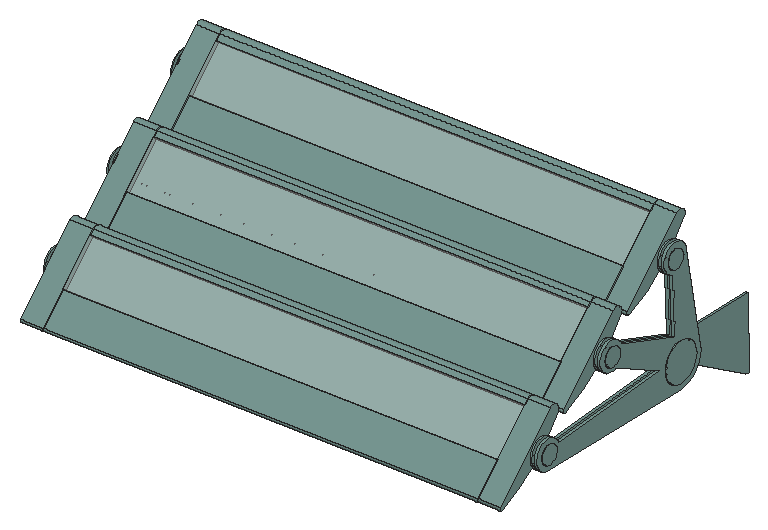
Revit family "kawneer - 1600 powershade - photovoltaic panel_16446", category Generic Models, Revit 2015
Parameters
  URL = "http://www.kawneer.com/kawneer/north_america/en/product.asp?cat_id=1344&prod_id=1850"
  Type Comments = "Photovoltaic Panel"
  Shade Finish = Kawneer - 1600 PowerShade
  Product data url = "https://bimobject.com/kawneerna/product/16445"
  Photovoltaic Panel = Kawneer - 1600 PowerShade - Photovoltaic Panel
  Outside Shade Width = 8' - 0"
  Model = "1600 PowerShade® with Photovoltaic Panel\r\n"
  Manufacturer = "Kawneer"
  Description = "Architects and building owners are increasingly recognizing the need for \"green\" building products that conserve energy and enhance building performance without compromising aesthetics. Kawneer has responded to this challenge by designing 1600 PowerShade®, a BIPV (Building Integrated Photovoltaic) sunshade that generates solar power while also providing optimal shade in a total system/single source solution.\r\n \r\nThe result is a classically designed sunshade that conserves energy and reduces building operating costs. Fully tested and factory fabricated, this preengineered sunshade blends photovoltaic technology — amorphous silicon panels — with sleek design, easy installation and simple maintenance.\r\n \r\nIn addition, PowerShade® is engineered to meet rigorous structural loads while minimizing material requirements.\r\n"
  Assembly Code = "B2020400"
Reference planes (in)
  plane 1 "Center (Front/Back)": y = 0
  plane 2: z = 0
  plane 3 "Center (Left/Right)": x = 20.48739
Forms (in)
  Extrusion 1, solid, material "Kawneer - 1600 PowerShade" <- "Shade Finish"
    sketch origin (20.23839, 0, 0) x (0, 1, 0) y (0, 0, -1)
      loop
        arc (-13.79301, 2.12544) -> (-21.10781, 2.12502) -> (-17.48547, -4.22989) r 4.23003
        line (-17.48547, -4.22989) -> (0, -4.22989) -> (0, 9.7917) -> (-0.49966, 9.78645) -> (-13.79301, 2.12544)
      loop
        circle (-17.45029, 0) r 3.73003
    from 0.251 to -0.249
  Extrusion 2, solid, material "Kawneer - 1600 PowerShade" <- "Shade Finish", not visible
    sketch origin (-0.0625, 0, 0) x (0, -1, 0) y (0, 0, -1)
      loop
        line (20, -3) -> (20, 3) -> (0.875, 3) -> (0.875, -3) -> (20, -3)
      loop
        circle (1.61885, 2) r 0.25
      loop
        circle (3.61885, 2) r 0.25
      loop
        circle (1.61885, -2) r 0.25
      loop
        circle (3.61885, -2) r 0.25
    from 0.3135 to 0.5635
  Extrusion 3, solid, material "Kawneer - 1600 PowerShade" <- "Shade Finish", not visible
    sketch origin (0, 0, 0) x (0, -1, 0) y (0, 0, -1)
      loop
        arc (0.24998, -2.843) -> (0.27722, -2.77724) -> (0.34298, -2.75) r 0.093
        line (0.34298, -2.75) -> (4.62, -2.75) -> (4.62, 2.75) -> (0.34298, 2.75)
        arc (0.34298, 2.75) -> (0.27722, 2.77724) -> (0.24998, 2.843) r 0.093
        line (0.24998, 2.843) -> (0.24998, -2.843)
      loop
        circle (1.61885, 2) r 0.25
      loop
        circle (3.61885, 2) r 0.25
      loop
        circle (1.61885, -2) r 0.25
      loop
        circle (3.61885, -2) r 0.25
    from -0.249 to 0.251
  Extrusion 4, solid, material "Kawneer - 1600 PowerShade" <- "Shade Finish", not visible
    sketch origin (0, 0, 0) x (0, -1, 0) y (0, 0, -1)
      loop
        line (0, -6.25) -> (0.15698, -6.25)
        arc (0.15698, -6.25) -> (0.22274, -6.22276) -> (0.24998, -6.157) r 0.093
        line (0.24998, -6.157) -> (0.24998, 6.157)
        arc (0.24998, 6.157) -> (0.22274, 6.22276) -> (0.15698, 6.25) r 0.093
        line (0.15698, 6.25) -> (0, 6.25) -> (0, -6.25)
    from -0.499 to 0.501
  Extrusion 5, solid, material "Kawneer - 1600 PowerShade" <- "Shade Finish"
    sketch origin (37.73739, 0, 0) x (0, -1, 0) y (0, 0, 1)
      loop
        circle (17.45029, 0) r 3.73003
    from 16.45076 to 18.67002
  Extrusion 6, solid, material "Kawneer - 1600 PowerShade" <- "Shade Finish"
    sketch origin (20.48739, 0, 0) x (0, 1, 0) y (0, 0, 1)
      loop
        circle (-49.7095, -2.13012) r 1.75795
      loop
        circle (-34.19481, 8.24737) r 1.75795
      loop
        circle (-18.68012, 18.62486) r 1.75795
    from -96.75 to 0.79924
  Extrusion 7, solid, material "Kawneer - 1600 PowerShade" <- "Shade Finish"
    sketch origin (37.73739, 0, 0) x (0, -1, 0) y (0, 0, 1)
      loop
        line (22.41224, 0.59894) -> (33.13158, 5.70698)
        arc (33.13158, 5.70698) -> (36.73786, 9.30422) -> (31.64423, 9.28593) r 2.75391
        line (31.64423, 9.28593) -> (18.65381, 4.87124) -> (19.23452, 15.985)
        arc (19.23452, 15.985) -> (20.41579, 20.6678) -> (15.83239, 19.14584) r 2.75391
        line (15.83239, 19.14584) -> (12.47366, 0.78656)
        arc (12.47366, 0.78656) -> (13.52965, -3.23013) -> (17.29138, -4.99034) r 4.89585
        line (17.29138, -4.99034) -> (49.71054, -4.97847)
        arc (49.71054, -4.97847) -> (51.98808, -0.67786) -> (47.15048, -1.20706) r 2.75391
        line (47.15048, -1.20706) -> (22.41224, 0.59894)
      loop
        circle (34.19481, 8.24737) r 1.75795
      loop
        circle (49.7095, -2.13012) r 1.75795
      loop
        circle (18.68012, 18.62486) r 1.75795
      loop
        circle (17.45029, 0) r 3.73003
    from 17.75 to 18.25
  Extrusion 8, solid, material "Kawneer - 1600 PowerShade" <- "Shade Finish"
    sketch origin (38.73739, 0, 0) x (0, -1, 0) y (0, 0, 1)
      loop
        line (22.41224, 0.59894) -> (33.13158, 5.70698)
        arc (33.13158, 5.70698) -> (36.73786, 9.30422) -> (31.64423, 9.28593) r 2.75391
        line (31.64423, 9.28593) -> (18.65381, 4.87124) -> (19.23452, 15.985)
        arc (19.23452, 15.985) -> (20.41579, 20.6678) -> (15.83239, 19.14584) r 2.75391
        line (15.83239, 19.14584) -> (12.47366, 0.78656)
        arc (12.47366, 0.78656) -> (13.52965, -3.23013) -> (17.29138, -4.99034) r 4.89585
        line (17.29138, -4.99034) -> (49.71054, -4.97847)
        arc (49.71054, -4.97847) -> (51.98808, -0.67786) -> (47.15048, -1.20706) r 2.75391
        line (47.15048, -1.20706) -> (22.41224, 0.59894)
      loop
        circle (34.19481, 8.24737) r 1.75795
      loop
        circle (49.7095, -2.13012) r 1.75795
      loop
        circle (18.68012, 18.62486) r 1.75795
      loop
        circle (17.45029, 0) r 3.73003
    from 17.75 to 18.25
  Extrusion 9, solid, material "Kawneer - 1600 PowerShade" <- "Shade Finish"
    sketch origin (-3.0449, 0, 0) x (0, 1, 0) y (0, 0, 1)
      loop
        arc (-59.39681, -7.79166) -> (-59.44221, -8.23074) -> (-59.02172, -8.36504) r 0.34999
        arc (-59.02172, -8.36504) -> (-54.74754, -6.24615) -> (-50.90493, -3.41905) r 27.44088
        arc (-50.90493, -3.41905) -> (-50.95255, -0.88707) -> (-48.42058, -0.93469) r 1.75795
        arc (-48.42058, -0.93469) -> (-46.89136, 0.96864) -> (-45.53738, 3.00037) r 27.44088
        arc (-45.53738, 3.00037) -> (-45.38844, 3.4247) -> (-45.42167, 3.87317) r 1.10053
        arc (-45.42167, 3.87317) -> (-46.20412, 4.63487) -> (-47.25762, 4.34753) r 1.10053
        line (-47.25762, 4.34753) -> (-59.39681, -7.79166)
      loop
        arc (-43.88211, 2.58583) -> (-43.92752, 2.14676) -> (-43.50703, 2.01246) r 0.34999
        arc (-43.50703, 2.01246) -> (-39.23285, 4.13134) -> (-35.39024, 6.95845) r 27.44088
        arc (-35.39024, 6.95845) -> (-35.43786, 9.49043) -> (-32.90588, 9.4428) r 1.75795
        arc (-32.90588, 9.4428) -> (-31.37667, 11.34614) -> (-30.02269, 13.37787) r 27.44088
        arc (-30.02269, 13.37787) -> (-29.87375, 13.80219) -> (-29.90698, 14.25066) r 1.10053
        arc (-29.90698, 14.25066) -> (-30.68943, 15.01237) -> (-31.74293, 14.72502) r 1.10053
        line (-31.74293, 14.72502) -> (-43.88211, 2.58583)
      loop
        arc (-28.36742, 12.96333) -> (-28.41283, 12.52425) -> (-27.99234, 12.38995) r 0.34999
        arc (-27.99234, 12.38995) -> (-23.71816, 14.50883) -> (-19.87555, 17.33594) r 27.44088
        arc (-19.87555, 17.33594) -> (-19.92317, 19.86792) -> (-17.39119, 19.82029) r 1.75795
        arc (-17.39119, 19.82029) -> (-15.86198, 21.72363) -> (-14.508, 23.75536) r 27.44088
        arc (-14.508, 23.75536) -> (-14.35906, 24.17968) -> (-14.39229, 24.62815) r 1.10053
        arc (-14.39229, 24.62815) -> (-15.17474, 25.38986) -> (-16.22824, 25.10251) r 1.10053
        line (-16.22824, 25.10251) -> (-28.36742, 12.96333)
    from 18.03229 to 22.53229
  Extrusion 10, solid, not visible
    sketch origin (0, 0, 0) x (0, 1, 0) y (0, 0, 1)
      loop
        arc (-59.39681, -7.79166) -> (-59.44221, -8.23074) -> (-59.02172, -8.36504) r 0.34999
        arc (-59.02172, -8.36504) -> (-54.74754, -6.24615) -> (-50.90493, -3.41905) r 27.44088
        arc (-50.90493, -3.41905) -> (-50.95255, -0.88707) -> (-48.42058, -0.93469) r 1.75795
        arc (-48.42058, -0.93469) -> (-46.89136, 0.96864) -> (-45.53738, 3.00037) r 27.44088
        arc (-45.53738, 3.00037) -> (-45.38844, 3.4247) -> (-45.42167, 3.87317) r 1.10053
        arc (-45.42167, 3.87317) -> (-46.20412, 4.63487) -> (-47.25762, 4.34753) r 1.10053
        line (-47.25762, 4.34753) -> (-59.39681, -7.79166)
      loop
        arc (-43.88211, 2.58583) -> (-43.92752, 2.14676) -> (-43.50703, 2.01246) r 0.34999
        arc (-43.50703, 2.01246) -> (-39.23285, 4.13134) -> (-35.39024, 6.95845) r 27.44088
        arc (-35.39024, 6.95845) -> (-35.43786, 9.49043) -> (-32.90588, 9.4428) r 1.75795
        arc (-32.90588, 9.4428) -> (-31.37667, 11.34614) -> (-30.02269, 13.37787) r 27.44088
        arc (-30.02269, 13.37787) -> (-29.87375, 13.80219) -> (-29.90698, 14.25066) r 1.10053
        arc (-29.90698, 14.25066) -> (-30.68943, 15.01237) -> (-31.74293, 14.72502) r 1.10053
        line (-31.74293, 14.72502) -> (-43.88211, 2.58583)
      loop
        arc (-28.36742, 12.96333) -> (-28.41283, 12.52425) -> (-27.99234, 12.38995) r 0.34999
        arc (-27.99234, 12.38995) -> (-23.71816, 14.50883) -> (-19.87555, 17.33594) r 27.44088
        arc (-19.87555, 17.33594) -> (-19.92317, 19.86792) -> (-17.39119, 19.82029) r 1.75795
        arc (-17.39119, 19.82029) -> (-15.86198, 21.72363) -> (-14.508, 23.75536) r 27.44088
        arc (-14.508, 23.75536) -> (-14.35906, 24.17968) -> (-14.39229, 24.62815) r 1.10053
        arc (-14.39229, 24.62815) -> (-15.17474, 25.38986) -> (-16.22824, 25.10251) r 1.10053
        line (-16.22824, 25.10251) -> (-28.36742, 12.96333)
    from -43.9551 to 50.5449
  Extrusion 11, solid, material "Kawneer - 1600 PowerShade" <- "Shade Finish"
    sketch origin (-75.26161, 0, 0) x (0, 1, 0) y (0, 0, -1)
      loop
        arc (-13.79301, 2.12544) -> (-21.10781, 2.12502) -> (-17.48547, -4.22989) r 4.23003
        line (-17.48547, -4.22989) -> (0, -4.22989) -> (0, 9.7917) -> (-0.49966, 9.78645) -> (-13.79301, 2.12544)
      loop
        circle (-17.45029, 0) r 3.73003
    from -0.249 to 0.251
  Extrusion 12, solid, material "Kawneer - 1600 PowerShade" <- "Shade Finish"
    sketch origin (-57.76261, 0, 0) x (0, -1, 0) y (0, 0, 1)
      loop
        circle (17.45029, 0) r 3.73003
    from 16.45076 to 18.5
  Extrusion 13, solid, material "Kawneer - 1600 PowerShade" <- "Shade Finish"
    sketch origin (109.73739, 0, 0) x (0, -1, 0) y (0, 0, 1)
      loop
        line (22.41224, 0.59894) -> (33.13158, 5.70698)
        arc (33.13158, 5.70698) -> (36.73786, 9.30422) -> (31.64423, 9.28593) r 2.75391
        line (31.64423, 9.28593) -> (18.65381, 4.87124) -> (19.23452, 15.985)
        arc (19.23452, 15.985) -> (20.41579, 20.6678) -> (15.83239, 19.14584) r 2.75391
        line (15.83239, 19.14584) -> (12.47366, 0.78656)
        arc (12.47366, 0.78656) -> (13.52965, -3.23013) -> (17.29138, -4.99034) r 4.89585
        line (17.29138, -4.99034) -> (49.71054, -4.97847)
        arc (49.71054, -4.97847) -> (51.98808, -0.67786) -> (47.15048, -1.20706) r 2.75391
        line (47.15048, -1.20706) -> (22.41224, 0.59894)
      loop
        circle (34.19481, 8.24737) r 1.75795
      loop
        circle (49.7095, -2.13012) r 1.75795
      loop
        circle (18.68012, 18.62486) r 1.75795
      loop
        circle (17.45029, 0) r 3.73003
    from 185.25 to 185.5
  Extrusion 14, solid, material "Kawneer - 1600 PowerShade" <- "Shade Finish"
    sketch origin (-41.26261, 0, 0) x (0, -1, 0) y (0, 0, 1)
      loop
        line (22.41224, 0.59894) -> (33.13158, 5.70698)
        arc (33.13158, 5.70698) -> (36.73786, 9.30422) -> (31.64423, 9.28593) r 2.75391
        line (31.64423, 9.28593) -> (18.65381, 4.87124) -> (19.23452, 15.985)
        arc (19.23452, 15.985) -> (20.41579, 20.6678) -> (15.83239, 19.14584) r 2.75391
        line (15.83239, 19.14584) -> (12.47366, 0.78656)
        arc (12.47366, 0.78656) -> (13.52965, -3.23013) -> (17.29138, -4.99034) r 4.89585
        line (17.29138, -4.99034) -> (49.71054, -4.97847)
        arc (49.71054, -4.97847) -> (51.98808, -0.67786) -> (47.15048, -1.20706) r 2.75391
        line (47.15048, -1.20706) -> (22.41224, 0.59894)
      loop
        circle (34.19481, 8.24737) r 1.75795
      loop
        circle (49.7095, -2.13012) r 1.75795
      loop
        circle (18.68012, 18.62486) r 1.75795
      loop
        circle (17.45029, 0) r 3.73003
    from 33.49225 to 33.74225
  Extrusion 15, solid, material "Kawneer - 1600 PowerShade" <- "Shade Finish", not visible
    sketch origin (-0.249, 0, 0) x (0, 1, 0) y (0, 0, -1)
      loop
        arc (-13.79301, 2.12544) -> (-21.10781, 2.12502) -> (-17.48547, -4.22989) r 4.23003
        line (-17.48547, -4.22989) -> (0, -4.22989) -> (0, 9.7917) -> (-0.49966, 9.78645) -> (-13.79301, 2.12544)
      loop
        circle (-17.45029, 0) r 3.73003
    from -0.249 to 0.251
  Extrusion 16, solid, material "Kawneer - 1600 PowerShade" <- "Shade Finish", not visible
    sketch origin (17.25, 0, 0) x (0, -1, 0) y (0, 0, 1)
      loop
        circle (17.45029, 0) r 3.73003
    from 16.45076 to 18.67002
  Extrusion 17, solid, material "Kawneer - 1600 PowerShade" <- "Shade Finish", not visible
    sketch origin (17.25, 0, 0) x (0, -1, 0) y (0, 0, 1)
      loop
        line (22.41224, 0.59894) -> (33.13158, 5.70698)
        arc (33.13158, 5.70698) -> (36.73786, 9.30422) -> (31.64423, 9.28593) r 2.75391
        line (31.64423, 9.28593) -> (18.65381, 4.87124) -> (19.23452, 15.985)
        arc (19.23452, 15.985) -> (20.41579, 20.6678) -> (15.83239, 19.14584) r 2.75391
        line (15.83239, 19.14584) -> (12.47366, 0.78656)
        arc (12.47366, 0.78656) -> (13.52965, -3.23013) -> (17.29138, -4.99034) r 4.89585
        line (17.29138, -4.99034) -> (49.71054, -4.97847)
        arc (49.71054, -4.97847) -> (51.98808, -0.67786) -> (47.15048, -1.20706) r 2.75391
        line (47.15048, -1.20706) -> (22.41224, 0.59894)
      loop
        circle (34.19481, 8.24737) r 1.75795
      loop
        circle (49.7095, -2.13012) r 1.75795
      loop
        circle (18.68012, 18.62486) r 1.75795
      loop
        circle (17.45029, 0) r 3.73003
    from 17.75 to 18.25
  Extrusion 18, solid, material "Kawneer - 1600 PowerShade" <- "Shade Finish", not visible
    sketch origin (18.25, 0, 0) x (0, -1, 0) y (0, 0, 1)
      loop
        line (22.41224, 0.59894) -> (33.13158, 5.70698)
        arc (33.13158, 5.70698) -> (36.73786, 9.30422) -> (31.64423, 9.28593) r 2.75391
        line (31.64423, 9.28593) -> (18.65381, 4.87124) -> (19.23452, 15.985)
        arc (19.23452, 15.985) -> (20.41579, 20.6678) -> (15.83239, 19.14584) r 2.75391
        line (15.83239, 19.14584) -> (12.47366, 0.78656)
        arc (12.47366, 0.78656) -> (13.52965, -3.23013) -> (17.29138, -4.99034) r 4.89585
        line (17.29138, -4.99034) -> (49.71054, -4.97847)
        arc (49.71054, -4.97847) -> (51.98808, -0.67786) -> (47.15048, -1.20706) r 2.75391
        line (47.15048, -1.20706) -> (22.41224, 0.59894)
      loop
        circle (34.19481, 8.24737) r 1.75795
      loop
        circle (49.7095, -2.13012) r 1.75795
      loop
        circle (18.68012, 18.62486) r 1.75795
      loop
        circle (17.45029, 0) r 3.73003
    from 17.75 to 18.25
  Extrusion 19, solid, material "Kawneer - 1600 PowerShade" <- "Shade Finish", not visible
    sketch origin (-71.749, 0, 0) x (0, 1, 0) y (0, 0, -1)
      loop
        arc (-13.79301, 2.12544) -> (-21.10781, 2.12502) -> (-17.48547, -4.22989) r 4.23003
        line (-17.48547, -4.22989) -> (0, -4.22989) -> (0, 9.7917) -> (-0.49966, 9.78645) -> (-13.79301, 2.12544)
      loop
        circle (-17.45029, 0) r 3.73003
    from -0.249 to 0.251
  Extrusion 20, solid, material "Kawneer - 1600 PowerShade" <- "Shade Finish", not visible
    sketch origin (-54.25, 0, 0) x (0, -1, 0) y (0, 0, 1)
      loop
        circle (17.45029, 0) r 3.73003
    from 16.45076 to 18
  Extrusion 21, solid, material "Kawneer - 1600 PowerShade" <- "Shade Finish", not visible
    sketch origin (113.25, 0, 0) x (0, -1, 0) y (0, 0, 1)
      loop
        line (22.41224, 0.59894) -> (33.13158, 5.70698)
        arc (33.13158, 5.70698) -> (36.73786, 9.30422) -> (31.64423, 9.28593) r 2.75391
        line (31.64423, 9.28593) -> (18.65381, 4.87124) -> (19.23452, 15.985)
        arc (19.23452, 15.985) -> (20.41579, 20.6678) -> (15.83239, 19.14584) r 2.75391
        line (15.83239, 19.14584) -> (12.47366, 0.78656)
        arc (12.47366, 0.78656) -> (13.52965, -3.23013) -> (17.29138, -4.99034) r 4.89585
        line (17.29138, -4.99034) -> (49.71054, -4.97847)
        arc (49.71054, -4.97847) -> (51.98808, -0.67786) -> (47.15048, -1.20706) r 2.75391
        line (47.15048, -1.20706) -> (22.41224, 0.59894)
      loop
        circle (34.19481, 8.24737) r 1.75795
      loop
        circle (49.7095, -2.13012) r 1.75795
      loop
        circle (18.68012, 18.62486) r 1.75795
      loop
        circle (17.45029, 0) r 3.73003
    from 185.25 to 185.5
  Extrusion 22, solid, material "Kawneer - 1600 PowerShade" <- "Shade Finish", not visible
    sketch origin (-37.75, 0, 0) x (0, -1, 0) y (0, 0, 1)
      loop
        line (22.41224, 0.59894) -> (33.13158, 5.70698)
        arc (33.13158, 5.70698) -> (36.73786, 9.30422) -> (31.64423, 9.28593) r 2.75391
        line (31.64423, 9.28593) -> (18.65381, 4.87124) -> (19.23452, 15.985)
        arc (19.23452, 15.985) -> (20.41579, 20.6678) -> (15.83239, 19.14584) r 2.75391
        line (15.83239, 19.14584) -> (12.47366, 0.78656)
        arc (12.47366, 0.78656) -> (13.52965, -3.23013) -> (17.29138, -4.99034) r 4.89585
        line (17.29138, -4.99034) -> (49.71054, -4.97847)
        arc (49.71054, -4.97847) -> (51.98808, -0.67786) -> (47.15048, -1.20706) r 2.75391
        line (47.15048, -1.20706) -> (22.41224, 0.59894)
      loop
        circle (34.19481, 8.63868) r 1.75795
      loop
        circle (49.7095, -2.13012) r 1.75795
      loop
        circle (18.68012, 18.62486) r 1.75795
      loop
        circle (17.45029, 0) r 3.73003
    from 33.49225 to 33.74225
  Extrusion 23, solid, material "Kawneer - 1600 PowerShade" <- "Shade Finish", not visible
    sketch origin (-95.749, 0, 0) x (0, 1, 0) y (0, 0, -1)
      loop
        arc (-13.79301, 2.12544) -> (-21.10781, 2.12502) -> (-17.48547, -4.22989) r 4.23003
        line (-17.48547, -4.22989) -> (0, -4.22989) -> (0, 9.7917) -> (-0.49966, 9.78645) -> (-13.79301, 2.12544)
      loop
        circle (-17.45029, 0) r 3.73003
    from -0.249 to 0.251
  Extrusion 24, solid, material "Kawneer - 1600 PowerShade" <- "Shade Finish", not visible
    sketch origin (-78.25, 0, 0) x (0, -1, 0) y (0, 0, 1)
      loop
        circle (17.45029, 0) r 3.73003
    from 16.45076 to 18.5
  Extrusion 25, solid, material "Kawneer - 1600 PowerShade" <- "Shade Finish", not visible
    sketch origin (89.25, 0, 0) x (0, -1, 0) y (0, 0, 1)
      loop
        line (22.41224, 0.59894) -> (33.13158, 5.70698)
        arc (33.13158, 5.70698) -> (36.73786, 9.30422) -> (31.64423, 9.28593) r 2.75391
        line (31.64423, 9.28593) -> (18.65381, 4.87124) -> (19.23452, 15.985)
        arc (19.23452, 15.985) -> (20.41579, 20.6678) -> (15.83239, 19.14584) r 2.75391
        line (15.83239, 19.14584) -> (12.47366, 0.78656)
        arc (12.47366, 0.78656) -> (13.52965, -3.23013) -> (17.29138, -4.99034) r 4.89585
        line (17.29138, -4.99034) -> (49.71054, -4.97847)
        arc (49.71054, -4.97847) -> (51.98808, -0.67786) -> (47.15048, -1.20706) r 2.75391
        line (47.15048, -1.20706) -> (22.41224, 0.59894)
      loop
        circle (34.19481, 8.24737) r 1.75795
      loop
        circle (49.7095, -2.13012) r 1.75795
      loop
        circle (18.68012, 18.62486) r 1.75795
      loop
        circle (17.45029, 0) r 3.73003
    from 185.25 to 185.5
  Extrusion 26, solid, material "Kawneer - 1600 PowerShade" <- "Shade Finish", not visible
    sketch origin (-61.75, 0, 0) x (0, -1, 0) y (0, 0, 1)
      loop
        line (22.41224, 0.59894) -> (33.13158, 5.70698)
        arc (33.13158, 5.70698) -> (36.73786, 9.30422) -> (31.64423, 9.28593) r 2.75391
        line (31.64423, 9.28593) -> (18.65381, 4.87124) -> (19.23452, 15.985)
        arc (19.23452, 15.985) -> (20.41579, 20.6678) -> (15.83239, 19.14584) r 2.75391
        line (15.83239, 19.14584) -> (12.47366, 0.78656)
        arc (12.47366, 0.78656) -> (13.52965, -3.23013) -> (17.29138, -4.99034) r 4.89585
        line (17.29138, -4.99034) -> (49.71054, -4.97847)
        arc (49.71054, -4.97847) -> (51.98808, -0.67786) -> (47.15048, -1.20706) r 2.75391
        line (47.15048, -1.20706) -> (22.41224, 0.59894)
      loop
        circle (34.19481, 8.63868) r 1.75795
      loop
        circle (49.7095, -2.13012) r 1.75795
      loop
        circle (18.68012, 18.62486) r 1.75795
      loop
        circle (17.45029, 0) r 3.73003
    from 33.49225 to 33.74225
  Extrusion 27, solid, material "Kawneer - 1600 PowerShade" <- "Shade Finish", not visible
    sketch origin (-191.749, 0, 0) x (0, 1, 0) y (0, 0, -1)
      loop
        arc (-13.79301, 2.12544) -> (-21.10781, 2.12502) -> (-17.48547, -4.22989) r 4.23003
        line (-17.48547, -4.22989) -> (0, -4.22989) -> (0, 9.7917) -> (-0.49966, 9.78645) -> (-13.79301, 2.12544)
      loop
        circle (-17.45029, 0) r 3.73003
    from -0.249 to 0.251
  Extrusion 28, solid, material "Kawneer - 1600 PowerShade" <- "Shade Finish", not visible
    sketch origin (-174.25, 0, 0) x (0, -1, 0) y (0, 0, 1)
      loop
        circle (17.45029, 0) r 3.73003
    from 16.45076 to 18.5
  Extrusion 29, solid, material "Kawneer - 1600 PowerShade" <- "Shade Finish", not visible
    sketch origin (-6.75, 0, 0) x (0, -1, 0) y (0, 0, 1)
      loop
        line (22.41224, 0.59894) -> (33.13158, 5.70698)
        arc (33.13158, 5.70698) -> (36.73786, 9.30422) -> (31.64423, 9.28593) r 2.75391
        line (31.64423, 9.28593) -> (18.65381, 4.87124) -> (19.23452, 15.985)
        arc (19.23452, 15.985) -> (20.41579, 20.6678) -> (15.83239, 19.14584) r 2.75391
        line (15.83239, 19.14584) -> (12.47366, 0.78656)
        arc (12.47366, 0.78656) -> (13.52965, -3.23013) -> (17.29138, -4.99034) r 4.89585
        line (17.29138, -4.99034) -> (49.71054, -4.97847)
        arc (49.71054, -4.97847) -> (51.98808, -0.67786) -> (47.15048, -1.20706) r 2.75391
        line (47.15048, -1.20706) -> (22.41224, 0.59894)
      loop
        circle (34.19481, 8.24737) r 1.75795
      loop
        circle (49.7095, -2.13012) r 1.75795
      loop
        circle (18.68012, 18.62486) r 1.75795
      loop
        circle (17.45029, 0) r 3.73003
    from 185.25 to 185.5
  Extrusion 30, solid, material "Kawneer - 1600 PowerShade" <- "Shade Finish"
    sketch origin (-106.76602, 0, 0) x (0, 1, 0) y (0, 0, 1)
      loop
        arc (-59.39681, -7.79166) -> (-59.44221, -8.23074) -> (-59.02172, -8.36504) r 0.34999
        arc (-59.02172, -8.36504) -> (-54.74754, -6.24615) -> (-50.90493, -3.41905) r 27.44088
        arc (-50.90493, -3.41905) -> (-50.95255, -0.88707) -> (-48.42058, -0.93469) r 1.75795
        arc (-48.42058, -0.93469) -> (-46.89136, 0.96864) -> (-45.53738, 3.00037) r 27.44088
        arc (-45.53738, 3.00037) -> (-45.38844, 3.4247) -> (-45.42167, 3.87317) r 1.10053
        arc (-45.42167, 3.87317) -> (-46.20412, 4.63487) -> (-47.25762, 4.34753) r 1.10053
        line (-47.25762, 4.34753) -> (-59.39681, -7.79166)
      loop
        arc (-43.88211, 2.58583) -> (-43.92752, 2.14676) -> (-43.50703, 2.01246) r 0.34999
        arc (-43.50703, 2.01246) -> (-39.23285, 4.13134) -> (-35.39024, 6.95845) r 27.44088
        arc (-35.39024, 6.95845) -> (-35.43786, 9.49043) -> (-32.90588, 9.4428) r 1.75795
        arc (-32.90588, 9.4428) -> (-31.37667, 11.34614) -> (-30.02269, 13.37787) r 27.44088
        arc (-30.02269, 13.37787) -> (-29.87375, 13.80219) -> (-29.90698, 14.25066) r 1.10053
        arc (-29.90698, 14.25066) -> (-30.68943, 15.01237) -> (-31.74293, 14.72502) r 1.10053
        line (-31.74293, 14.72502) -> (-43.88211, 2.58583)
      loop
        arc (-28.36742, 12.96333) -> (-28.41283, 12.52425) -> (-27.99234, 12.38995) r 0.34999
        arc (-27.99234, 12.38995) -> (-23.71816, 14.50883) -> (-19.87555, 17.33594) r 27.44088
        arc (-19.87555, 17.33594) -> (-19.92317, 19.86792) -> (-17.39119, 19.82029) r 1.75795
        arc (-17.39119, 19.82029) -> (-15.86198, 21.72363) -> (-14.508, 23.75536) r 27.44088
        arc (-14.508, 23.75536) -> (-14.35906, 24.17968) -> (-14.39229, 24.62815) r 1.10053
        arc (-14.39229, 24.62815) -> (-15.17474, 25.38986) -> (-16.22824, 25.10251) r 1.10053
        line (-16.22824, 25.10251) -> (-28.36742, 12.96333)
    from 32.01116 to 36.51116
  Extrusion 31, solid, material "Kawneer - 1600 PowerShade" <- "Shade Finish"
    sketch origin (-58.0449, 0, 0) x (0, 1, 0) y (0, 0, 1)
      loop
        arc (-59.39681, -7.79166) -> (-59.44221, -8.23074) -> (-59.02172, -8.36504) r 0.34999
        arc (-59.02172, -8.36504) -> (-54.74754, -6.24615) -> (-50.90493, -3.41905) r 27.44088
        arc (-50.90493, -3.41905) -> (-50.95255, -0.88707) -> (-48.42058, -0.93469) r 1.75795
        arc (-48.42058, -0.93469) -> (-46.89136, 0.96864) -> (-45.53738, 3.00037) r 27.44088
        arc (-45.53738, 3.00037) -> (-45.38844, 3.4247) -> (-45.42167, 3.87317) r 1.10053
        arc (-45.42167, 3.87317) -> (-46.20412, 4.63487) -> (-47.25762, 4.34753) r 1.10053
        line (-47.25762, 4.34753) -> (-47.96473, 3.64042) -> (-47.4344, 3.11009) -> (-54.15191, -3.60742) -> (-54.68224, -3.07709) -> (-59.39681, -7.79166)
      loop
        arc (-43.88211, 2.58583) -> (-43.92752, 2.14676) -> (-43.50703, 2.01246) r 0.34999
        arc (-43.50703, 2.01246) -> (-39.23285, 4.13134) -> (-35.39024, 6.95845) r 27.44088
        arc (-35.39024, 6.95845) -> (-35.43786, 9.49043) -> (-32.90588, 9.4428) r 1.75795
        arc (-32.90588, 9.4428) -> (-31.37667, 11.34614) -> (-30.02269, 13.37787) r 27.44088
        arc (-30.02269, 13.37787) -> (-29.87375, 13.80219) -> (-29.90698, 14.25066) r 1.10053
        arc (-29.90698, 14.25066) -> (-30.68943, 15.01237) -> (-31.74293, 14.72502) r 1.10053
        line (-31.74293, 14.72502) -> (-32.45004, 14.01791) -> (-31.91971, 13.48758) -> (-38.63722, 6.77007) -> (-39.16755, 7.3004) -> (-43.88211, 2.58583)
      loop
        arc (-28.36742, 12.96333) -> (-28.41283, 12.52425) -> (-27.99234, 12.38995) r 0.34999
        arc (-27.99234, 12.38995) -> (-23.71816, 14.50883) -> (-19.87555, 17.33594) r 27.44088
        arc (-19.87555, 17.33594) -> (-19.92317, 19.86792) -> (-17.39119, 19.82029) r 1.75795
        arc (-17.39119, 19.82029) -> (-15.86198, 21.72363) -> (-14.508, 23.75536) r 27.44088
        arc (-14.508, 23.75536) -> (-14.35906, 24.17968) -> (-14.39229, 24.62815) r 1.10053
        arc (-14.39229, 24.62815) -> (-15.17474, 25.38986) -> (-16.22824, 25.10251) r 1.10053
        line (-16.22824, 25.10251) -> (-17.11212, 24.21863) -> (-16.58179, 23.6883) -> (-23.29931, 16.97078) -> (-23.82964, 17.50111) -> (-28.36742, 12.96333)
    from -12.20996 to 73.03229
  Extrusion 32, solid, material "Kawneer - 1600 PowerShade - Photovoltaic Panel" <- "Photovoltaic Panel"
    sketch origin (20.48739, 0, 0) x (0, 1, 0) y (0, 0, 1)
      loop
        line (-17.11212, 24.21863) -> (-23.82964, 17.50111) -> (-23.65286, 17.32434) -> (-16.93535, 24.04185) -> (-17.11212, 24.21863)
      loop
        line (-32.45004, 14.01791) -> (-39.16755, 7.3004) -> (-38.99077, 7.12362) -> (-32.27326, 13.84114) -> (-32.45004, 14.01791)
      loop
        line (-47.96473, 3.64042) -> (-54.68224, -3.07709) -> (-54.50547, -3.25387) -> (-47.78795, 3.46364) -> (-47.96473, 3.64042)
    from -90.74225 to -5.5
  Extrusion 33, solid, material "Kawneer - 1600 PowerShade" <- "Shade Finish", not visible
    sketch origin (20.23839, 0, 0) x (0, 1, 0) y (0, 0, -1)
      loop
        arc (-13.79301, 2.12544) -> (-21.10781, 2.12502) -> (-17.48547, -4.22989) r 4.23003
        line (-17.48547, -4.22989) -> (0, -4.22989) -> (0, 9.7917) -> (-0.49966, 9.78645) -> (-13.79301, 2.12544)
      loop
        circle (-17.45029, 0) r 3.73003
    from 0.251 to -0.249
  Extrusion 34, solid, material "Kawneer - 1600 PowerShade" <- "Shade Finish", not visible
    sketch origin (37.73739, 0, 0) x (0, -1, 0) y (0, 0, 1)
      loop
        circle (17.45029, 0) r 3.73003
    from 16.45076 to 18.67002
  Extrusion 35, solid, material "Kawneer - 1600 PowerShade" <- "Shade Finish", not visible
    sketch origin (37.73739, 0, 0) x (0, -1, 0) y (0, 0, 1)
      loop
        line (22.41224, 0.59894) -> (33.13158, 5.70698)
        arc (33.13158, 5.70698) -> (36.73786, 9.30422) -> (31.64423, 9.28593) r 2.75391
        line (31.64423, 9.28593) -> (18.65381, 4.87124) -> (19.23452, 15.985)
        arc (19.23452, 15.985) -> (20.41579, 20.6678) -> (15.83239, 19.14584) r 2.75391
        line (15.83239, 19.14584) -> (12.47366, 0.78656)
        arc (12.47366, 0.78656) -> (13.52965, -3.23013) -> (17.29138, -4.99034) r 4.89585
        line (17.29138, -4.99034) -> (49.71054, -4.97847)
        arc (49.71054, -4.97847) -> (51.98808, -0.67786) -> (47.15048, -1.20706) r 2.75391
        line (47.15048, -1.20706) -> (22.41224, 0.59894)
      loop
        circle (34.19481, 8.24737) r 1.75795
      loop
        circle (49.7095, -2.13012) r 1.75795
      loop
        circle (18.68012, 18.62486) r 1.75795
      loop
        circle (17.45029, 0) r 3.73003
    from 17.75 to 18.25
  Extrusion 36, solid, material "Kawneer - 1600 PowerShade" <- "Shade Finish", not visible
    sketch origin (38.73739, 0, 0) x (0, -1, 0) y (0, 0, 1)
      loop
        line (22.41224, 0.59894) -> (33.13158, 5.70698)
        arc (33.13158, 5.70698) -> (36.73786, 9.30422) -> (31.64423, 9.28593) r 2.75391
        line (31.64423, 9.28593) -> (18.65381, 4.87124) -> (19.23452, 15.985)
        arc (19.23452, 15.985) -> (20.41579, 20.6678) -> (15.83239, 19.14584) r 2.75391
        line (15.83239, 19.14584) -> (12.47366, 0.78656)
        arc (12.47366, 0.78656) -> (13.52965, -3.23013) -> (17.29138, -4.99034) r 4.89585
        line (17.29138, -4.99034) -> (49.71054, -4.97847)
        arc (49.71054, -4.97847) -> (51.98808, -0.67786) -> (47.15048, -1.20706) r 2.75391
        line (47.15048, -1.20706) -> (22.41224, 0.59894)
      loop
        circle (34.19481, 8.24737) r 1.75795
      loop
        circle (49.7095, -2.13012) r 1.75795
      loop
        circle (18.68012, 18.62486) r 1.75795
      loop
        circle (17.45029, 0) r 3.73003
    from 17.75 to 18.25
Lines and regions (in)
  reference lines
    curve 1: line (20.48739, -49.7095, 4.37782) -> (20.48739, -49.7095, -7.37218)
  reference lines, not visible
    curve 2: line (0, -57.69724, -10.11787) -> (0, -43.20155, 4.37782)
    curve 3: line (20.48739, -49.7095, 4.37782) -> (20.48739, -49.7095, -7.37218)
Dimensions and locks (in)
  locked: Extrusion 14 to Extrusion 30 at 4.5
  locked: Extrusion 9 to Extrusion 9 at 4.5
  "Outside Shade Width": Extrusion 11 to plane 3 "Center (Left/Right)"
  aligned and locked: Extrusion 13 to Extrusion 11
  aligned and locked: Extrusion 14 sketch curve to Extrusion 6
  aligned and locked: Extrusion 30 to Extrusion 14
  aligned and locked: Extrusion 12 to Extrusion 6
  aligned and locked: Extrusion 31 to Extrusion 30
  aligned and locked: Extrusion 9 to Extrusion 7
  aligned and locked: Extrusion 31 to Extrusion 9
  aligned and locked: Extrusion 9 to Extrusion 32
  aligned and locked: Extrusion 32 to Extrusion 31  (x6)
  aligned and locked: Extrusion 30 to Extrusion 32  (x2)
  aligned and locked: Extrusion 31 to Extrusion 32
  aligned and locked: Extrusion 32 to Extrusion 9
Automatic sketch dimensions
  Extrusion 1 sketch curve to Extrusion 1 sketch curve = 0' - 0"  (x2)
  Extrusion 1 sketch curve to Extrusion 1 sketch curve = 0' - 0.03518"
  Extrusion 1 sketch curve to Extrusion 1 sketch curve = 0' - 3.65728"
  Extrusion 1 sketch curve to Extrusion 1 sketch curve = 1' - 1.29335"
  Extrusion 1 sketch curve to Extrusion 1 sketch curve = 0' - 0.49966"
  Extrusion 1 sketch curve to Extrusion 1 sketch curve = 0' - 4.22989"
  Extrusion 1 sketch curve to Extrusion 1 sketch curve = 1' - 2.01634"
  Extrusion 1 sketch curve to Extrusion 1 sketch curve = 0' - 0.00525"
  Extrusion 5 sketch curve to Extrusion 5 sketch curve = 0' - 0"  (x2)
  Extrusion 5 sketch curve to Extrusion 5 sketch curve = 0' - 3.73003"
  Extrusion 6 sketch curve to level = 0' - 2.13012"
  plane 1 "Center (Front/Back)" to Extrusion 6 sketch curve = 4' - 1.7095"
  level to Extrusion 6 sketch curve = 0' - 8.24737"
  Extrusion 6 sketch curve to Extrusion 6 sketch curve = 1' - 3.51469"  (x2)
  level to Extrusion 6 sketch curve = 1' - 6.62486"
  Extrusion 7 sketch curve to Extrusion 7 sketch curve = 0' - 0"  (x12)
  Extrusion 7 sketch curve to Extrusion 7 sketch curve = 0' - 1.24659"
  Extrusion 7 sketch curve to Extrusion 7 sketch curve = 0' - 3.35872"
  Extrusion 7 sketch curve to Extrusion 7 sketch curve = 0' - 1.08978"
  Extrusion 7 sketch curve to Extrusion 7 sketch curve = 0' - 3.56933"
  Extrusion 7 sketch curve to Extrusion 7 sketch curve = 0' - 0.00179"
  Extrusion 7 sketch curve to Extrusion 7 sketch curve = 0' - 0.1607"
  Extrusion 7 sketch curve to Extrusion 7 sketch curve = 0' - 1.61917"
  Extrusion 7 sketch curve to Extrusion 7 sketch curve = 0' - 1.20352"
  Extrusion 7 sketch curve to Extrusion 7 sketch curve = 0' - 0.13877"
  Extrusion 7 sketch curve to Extrusion 7 sketch curve = 0' - 0.55441"
  Extrusion 7 sketch curve to Extrusion 7 sketch curve = 0' - 1.23192"
  Extrusion 7 sketch curve to Extrusion 7 sketch curve = 0' - 9.23199"
  Extrusion 7 sketch curve to Extrusion 7 sketch curve = 0' - 0.79263"
  Extrusion 7 sketch curve to Extrusion 7 sketch curve = 0' - 0.69472"
  Extrusion 7 sketch curve to Extrusion 7 sketch curve = 0' - 1.75795"  (x2)
  Extrusion 7 sketch curve to Extrusion 7 sketch curve = 0' - 11.19773"
  Extrusion 7 sketch curve to Extrusion 7 sketch curve = 0' - 0.80107"
  Extrusion 7 sketch curve to Extrusion 7 sketch curve = 0' - 0.00003"
  Extrusion 7 sketch curve to Extrusion 7 sketch curve = 0' - 0.00101"
  Extrusion 7 sketch curve to Extrusion 7 sketch curve = 0' - 0.01187"
  Extrusion 7 sketch curve to Extrusion 7 sketch curve = 0' - 2 193/256"
  Extrusion 7 sketch curve to Extrusion 7 sketch curve = 0' - 0.09443"
  Extrusion 7 sketch curve to Extrusion 7 sketch curve = 0' - 4.89585"
  Extrusion 7 sketch curve to Extrusion 7 sketch curve = 0' - 0.09449"
  Extrusion 7 sketch curve to Extrusion 7 sketch curve = 0' - 0.59894"
  Extrusion 7 sketch curve to Extrusion 7 sketch curve = 0' - 4.87124"
  Extrusion 7 sketch curve to Extrusion 7 sketch curve = 0' - 5.10804"
  Extrusion 7 sketch curve to Extrusion 7 sketch curve = 0' - 2.54039"
  Extrusion 7 sketch curve to Extrusion 7 sketch curve = 0' - 11.11376"
  Extrusion 7 sketch curve to Extrusion 7 sketch curve = 0' - 2.63986"
  Extrusion 7 sketch curve to Extrusion 7 sketch curve = 0' - 0.02539"
  Extrusion 8 sketch curve to Extrusion 8 sketch curve = 0' - 0"  (x12)
  Extrusion 8 sketch curve to Extrusion 8 sketch curve = 0' - 1.24659"
  Extrusion 8 sketch curve to Extrusion 8 sketch curve = 0' - 3.35872"
  Extrusion 8 sketch curve to Extrusion 8 sketch curve = 0' - 1.08978"
  Extrusion 8 sketch curve to Extrusion 8 sketch curve = 0' - 3.56933"
  Extrusion 8 sketch curve to Extrusion 8 sketch curve = 0' - 0.00179"
  Extrusion 8 sketch curve to Extrusion 8 sketch curve = 0' - 0.1607"
  Extrusion 8 sketch curve to Extrusion 8 sketch curve = 0' - 1.61917"
  Extrusion 8 sketch curve to Extrusion 8 sketch curve = 0' - 1.20352"
  Extrusion 8 sketch curve to Extrusion 8 sketch curve = 0' - 0.13877"
  Extrusion 8 sketch curve to Extrusion 8 sketch curve = 0' - 0.55441"
  Extrusion 8 sketch curve to Extrusion 8 sketch curve = 0' - 1.23192"
  Extrusion 8 sketch curve to Extrusion 8 sketch curve = 0' - 9.23199"
  Extrusion 8 sketch curve to Extrusion 8 sketch curve = 0' - 0.79263"
  Extrusion 8 sketch curve to Extrusion 8 sketch curve = 0' - 0.69472"
  Extrusion 8 sketch curve to Extrusion 8 sketch curve = 0' - 1.75795"  (x2)
  Extrusion 8 sketch curve to Extrusion 8 sketch curve = 0' - 11.19773"
  Extrusion 8 sketch curve to Extrusion 8 sketch curve = 0' - 0.80107"
  Extrusion 8 sketch curve to Extrusion 8 sketch curve = 0' - 0.00003"
  Extrusion 8 sketch curve to Extrusion 8 sketch curve = 0' - 0.00101"
  Extrusion 8 sketch curve to Extrusion 8 sketch curve = 0' - 0.01187"
  Extrusion 8 sketch curve to Extrusion 8 sketch curve = 0' - 2 193/256"
  Extrusion 8 sketch curve to Extrusion 8 sketch curve = 0' - 0.09443"
  Extrusion 8 sketch curve to Extrusion 8 sketch curve = 0' - 4.89585"
  Extrusion 8 sketch curve to Extrusion 8 sketch curve = 0' - 0.09449"
  Extrusion 8 sketch curve to Extrusion 8 sketch curve = 0' - 0.59894"
  Extrusion 8 sketch curve to Extrusion 8 sketch curve = 0' - 4.87124"
  Extrusion 8 sketch curve to Extrusion 8 sketch curve = 0' - 5.10804"
  Extrusion 8 sketch curve to Extrusion 8 sketch curve = 0' - 2.54039"
  Extrusion 8 sketch curve to Extrusion 8 sketch curve = 0' - 11.11376"
  Extrusion 8 sketch curve to Extrusion 8 sketch curve = 0' - 2.63986"
  Extrusion 8 sketch curve to Extrusion 8 sketch curve = 0' - 0.02539"
  Extrusion 9 sketch curve to Extrusion 9 sketch curve = 0' - 0"  (x20)
  level to Extrusion 9 sketch curve = 1' - 5.18696"
  plane 1 "Center (Front/Back)" to Extrusion 9 sketch curve = 5' - 9.02658"
  Extrusion 9 sketch curve to level = 0' - 7.79166"
  Extrusion 9 sketch curve to Extrusion 9 sketch curve = 0' - 9.62978"
  Extrusion 9 sketch curve to Extrusion 9 sketch curve = 0' - 0.24748"  (x3)
  Extrusion 9 sketch curve to Extrusion 9 sketch curve = 0' - 0.12761"  (x3)
  Extrusion 9 sketch curve to Extrusion 9 sketch curve = 1' - 3.51469"  (x2)
  Extrusion 9 sketch curve to level = 0' - 3.41905"
  Extrusion 9 sketch curve to Extrusion 9 sketch curve = 0' - 1.19543"  (x3)
  Extrusion 9 sketch curve to level = 0' - 0.93469"
  Extrusion 9 sketch curve to Extrusion 9 sketch curve = 0' - 1.28892"  (x4)
  Extrusion 9 sketch curve to Extrusion 9 sketch curve = 0' - 1.16295"  (x3)
  level to Extrusion 9 sketch curve = 0' - 4.34753"
  Extrusion 9 sketch curve to Extrusion 9 sketch curve = 0' - 0.77819"  (x3)
  Extrusion 9 sketch curve to Extrusion 9 sketch curve = 0' - 0.94205"  (x3)
  Extrusion 9 sketch curve to Extrusion 9 sketch curve = 0' - 0.11571"  (x3)
  Extrusion 9 sketch curve to Extrusion 9 sketch curve = 0' - 1.65527"  (x2)
  Extrusion 9 sketch curve to Extrusion 9 sketch curve = 0' - 8.2444"  (x2)
  level to Extrusion 9 sketch curve = 1' - 2.72502"
  level to Extrusion 9 sketch curve = 1' - 0.96333"
  level to Extrusion 9 sketch curve = 0' - 2.01246"
  Extrusion 9 sketch curve to Extrusion 9 sketch curve = 0' - 0.3259"
  Extrusion 9 sketch curve to Extrusion 9 sketch curve = 0' - 0.57338"
  Extrusion 30 sketch curve to Extrusion 30 sketch curve = 0' - 0"  (x20)
  level to Extrusion 30 sketch curve = 1' - 5.18696"
  plane 1 "Center (Front/Back)" to Extrusion 30 sketch curve = 5' - 9.02658"
  Extrusion 30 sketch curve to level = 0' - 7.79166"
  Extrusion 30 sketch curve to Extrusion 30 sketch curve = 0' - 9.62978"
  Extrusion 30 sketch curve to Extrusion 30 sketch curve = 0' - 0.24748"  (x3)
  Extrusion 30 sketch curve to Extrusion 30 sketch curve = 0' - 0.12761"  (x3)
  Extrusion 30 sketch curve to Extrusion 30 sketch curve = 1' - 3.51469"  (x2)
  Extrusion 30 sketch curve to level = 0' - 3.41905"
  Extrusion 30 sketch curve to Extrusion 30 sketch curve = 0' - 1.19543"  (x3)
  Extrusion 30 sketch curve to level = 0' - 0.93469"
  Extrusion 30 sketch curve to Extrusion 30 sketch curve = 0' - 1.28892"  (x4)
  Extrusion 30 sketch curve to Extrusion 30 sketch curve = 0' - 1.16295"  (x3)
  level to Extrusion 30 sketch curve = 0' - 4.34753"
  Extrusion 30 sketch curve to Extrusion 30 sketch curve = 0' - 0.77819"  (x3)
  Extrusion 30 sketch curve to Extrusion 30 sketch curve = 0' - 0.94205"  (x3)
  Extrusion 30 sketch curve to Extrusion 30 sketch curve = 0' - 0.11571"  (x3)
  Extrusion 30 sketch curve to Extrusion 30 sketch curve = 0' - 1.65527"  (x2)
  Extrusion 30 sketch curve to Extrusion 30 sketch curve = 0' - 8.2444"  (x2)
  level to Extrusion 30 sketch curve = 1' - 2.72502"
  level to Extrusion 30 sketch curve = 1' - 0.96333"
  level to Extrusion 30 sketch curve = 0' - 2.01246"
  Extrusion 30 sketch curve to Extrusion 30 sketch curve = 0' - 0.3259"
  Extrusion 30 sketch curve to Extrusion 30 sketch curve = 0' - 0.57338"
  Extrusion 31 sketch curve to Extrusion 31 sketch curve = 0' - 0"  (x20)
  level to Extrusion 31 sketch curve = 1' - 5.18696"
  plane 1 "Center (Front/Back)" to Extrusion 31 sketch curve = 5' - 9.02658"
  Extrusion 31 sketch curve to level = 0' - 7.79166"
  Extrusion 31 sketch curve to Extrusion 31 sketch curve = 0' - 9.62978"
  Extrusion 31 sketch curve to Extrusion 31 sketch curve = 0' - 0.24748"  (x3)
  Extrusion 31 sketch curve to Extrusion 31 sketch curve = 0' - 0.12761"  (x3)
  Extrusion 31 sketch curve to level = 0' - 3.07709"
  Extrusion 31 sketch curve to Extrusion 31 sketch curve = 0' - 4.71456"  (x2)
  Extrusion 31 sketch curve to level = 0' - 3.60742"
  Extrusion 31 sketch curve to Extrusion 31 sketch curve = 1' - 3.51469"  (x2)
  Extrusion 31 sketch curve to Extrusion 31 sketch curve = 0' - 3.24698"  (x2)
  Extrusion 31 sketch curve to Extrusion 31 sketch curve = 0' - 1.19543"  (x3)
  Extrusion 31 sketch curve to Extrusion 31 sketch curve = 0' - 1.28892"  (x3)
  level to Extrusion 31 sketch curve = 0' - 3.64042"
  Extrusion 31 sketch curve to Extrusion 31 sketch curve = 0' - 0.45585"  (x2)
  Extrusion 31 sketch curve to Extrusion 31 sketch curve = 0' - 0.70711"
  level to Extrusion 31 sketch curve = 0' - 4.34753"
  Extrusion 31 sketch curve to Extrusion 31 sketch curve = 0' - 0.95497"  (x2)
  Extrusion 31 sketch curve to Extrusion 31 sketch curve = 0' - 0.94205"  (x3)
  Extrusion 31 sketch curve to Extrusion 31 sketch curve = 0' - 0.11571"  (x3)
  Extrusion 31 sketch curve to Extrusion 31 sketch curve = 0' - 1.65527"  (x2)
  level to Extrusion 31 sketch curve = 0' - 7.3004"
  level to Extrusion 31 sketch curve = 0' - 6.77007"
  Extrusion 31 sketch curve to Extrusion 31 sketch curve = 0' - 0.53033"  (x3)
  level to Extrusion 31 sketch curve = 1' - 2.01791"
  level to Extrusion 31 sketch curve = 1' - 2.72502"
  level to Extrusion 31 sketch curve = 1' - 0.96333"
  Extrusion 31 sketch curve to Extrusion 31 sketch curve = 0' - 4.53779"
  Extrusion 31 sketch curve to Extrusion 31 sketch curve = 0' - 3.42376"
  Extrusion 31 sketch curve to Extrusion 31 sketch curve = 0' - 0.27907"
  Extrusion 31 sketch curve to Extrusion 31 sketch curve = 0' - 0.88388"
  Extrusion 31 sketch curve to Extrusion 31 sketch curve = 0' - 0.77819"
  Extrusion 31 sketch curve to Extrusion 31 sketch curve = 0' - 0.57338"  (x2)
  Extrusion 31 sketch curve to Extrusion 31 sketch curve = 0' - 0.36516"
  Extrusion 32 sketch curve to level = 0' - 3.07709"
  plane 1 "Center (Front/Back)" to Extrusion 32 sketch curve = 4' - 6.68224"
  Extrusion 32 sketch curve to level = 0' - 3.25387"
  Extrusion 32 sketch curve to Extrusion 32 sketch curve = 0' - 0.17678"  (x4)
  level to Extrusion 32 sketch curve = 0' - 3.64042"
  level to Extrusion 32 sketch curve = 0' - 7.3004"
  Extrusion 32 sketch curve to Extrusion 32 sketch curve = 0' - 8.6204"
  level to Extrusion 32 sketch curve = 0' - 7.12362"
  level to Extrusion 32 sketch curve = 1' - 2.01791"
  Extrusion 32 sketch curve to Extrusion 32 sketch curve = 0' - 8.44362"
  level to Extrusion 32 sketch curve = 1' - 5.32434"
  Extrusion 32 sketch curve to Extrusion 32 sketch curve = 0' - 6.71751"
  Extrusion 33 sketch curve to Extrusion 33 sketch curve = 0' - 0"  (x2)
  Extrusion 33 sketch curve to Extrusion 33 sketch curve = 0' - 0.03518"
  Extrusion 33 sketch curve to Extrusion 33 sketch curve = 0' - 3.65728"
  Extrusion 33 sketch curve to Extrusion 33 sketch curve = 1' - 1.29335"
  Extrusion 33 sketch curve to Extrusion 33 sketch curve = 0' - 0.49966"
  Extrusion 33 sketch curve to Extrusion 33 sketch curve = 0' - 4.22989"
  Extrusion 33 sketch curve to Extrusion 33 sketch curve = 1' - 2.01634"
  Extrusion 33 sketch curve to Extrusion 33 sketch curve = 0' - 0.00525"
  Extrusion 34 sketch curve to Extrusion 34 sketch curve = 0' - 0"  (x2)
  Extrusion 34 sketch curve to Extrusion 34 sketch curve = 0' - 3.73003"
  Extrusion 35 sketch curve to Extrusion 35 sketch curve = 0' - 0"  (x12)
  Extrusion 35 sketch curve to Extrusion 35 sketch curve = 0' - 1.24659"
  Extrusion 35 sketch curve to Extrusion 35 sketch curve = 0' - 3.35872"
  Extrusion 35 sketch curve to Extrusion 35 sketch curve = 0' - 1.08978"
  Extrusion 35 sketch curve to Extrusion 35 sketch curve = 0' - 3.56933"
  Extrusion 35 sketch curve to Extrusion 35 sketch curve = 0' - 0.00179"
  Extrusion 35 sketch curve to Extrusion 35 sketch curve = 0' - 0.1607"
  Extrusion 35 sketch curve to Extrusion 35 sketch curve = 0' - 1.61917"
  Extrusion 35 sketch curve to Extrusion 35 sketch curve = 0' - 1.20352"
  Extrusion 35 sketch curve to Extrusion 35 sketch curve = 0' - 0.13877"
  Extrusion 35 sketch curve to Extrusion 35 sketch curve = 0' - 0.55441"
  Extrusion 35 sketch curve to Extrusion 35 sketch curve = 0' - 1.23192"
  Extrusion 35 sketch curve to Extrusion 35 sketch curve = 0' - 9.23199"
  Extrusion 35 sketch curve to Extrusion 35 sketch curve = 0' - 0.79263"
  Extrusion 35 sketch curve to Extrusion 35 sketch curve = 0' - 0.69472"
  Extrusion 35 sketch curve to Extrusion 35 sketch curve = 0' - 1.75795"  (x2)
  Extrusion 35 sketch curve to Extrusion 35 sketch curve = 0' - 11.19773"
  Extrusion 35 sketch curve to Extrusion 35 sketch curve = 0' - 0.80107"
  Extrusion 35 sketch curve to Extrusion 35 sketch curve = 0' - 0.00003"
  Extrusion 35 sketch curve to Extrusion 35 sketch curve = 0' - 0.00101"
  Extrusion 35 sketch curve to Extrusion 35 sketch curve = 0' - 0.01187"
  Extrusion 35 sketch curve to Extrusion 35 sketch curve = 0' - 2 193/256"
  Extrusion 35 sketch curve to Extrusion 35 sketch curve = 0' - 0.09443"
  Extrusion 35 sketch curve to Extrusion 35 sketch curve = 0' - 4.89585"
  Extrusion 35 sketch curve to Extrusion 35 sketch curve = 0' - 0.09449"
  Extrusion 35 sketch curve to Extrusion 35 sketch curve = 0' - 0.59894"
  Extrusion 35 sketch curve to Extrusion 35 sketch curve = 0' - 4.87124"
  Extrusion 35 sketch curve to Extrusion 35 sketch curve = 0' - 5.10804"
  Extrusion 35 sketch curve to Extrusion 35 sketch curve = 0' - 2.54039"
  Extrusion 35 sketch curve to Extrusion 35 sketch curve = 0' - 11.11376"
  Extrusion 35 sketch curve to Extrusion 35 sketch curve = 0' - 2.63986"
  Extrusion 35 sketch curve to Extrusion 35 sketch curve = 0' - 0.02539"
  Extrusion 36 sketch curve to Extrusion 36 sketch curve = 0' - 0"  (x12)
  Extrusion 36 sketch curve to Extrusion 36 sketch curve = 0' - 1.24659"
  Extrusion 36 sketch curve to Extrusion 36 sketch curve = 0' - 3.35872"
  Extrusion 36 sketch curve to Extrusion 36 sketch curve = 0' - 1.08978"
  Extrusion 36 sketch curve to Extrusion 36 sketch curve = 0' - 3.56933"
  Extrusion 36 sketch curve to Extrusion 36 sketch curve = 0' - 0.00179"
  Extrusion 36 sketch curve to Extrusion 36 sketch curve = 0' - 0.1607"
  Extrusion 36 sketch curve to Extrusion 36 sketch curve = 0' - 1.61917"
  Extrusion 36 sketch curve to Extrusion 36 sketch curve = 0' - 1.20352"
  Extrusion 36 sketch curve to Extrusion 36 sketch curve = 0' - 0.13877"
  Extrusion 36 sketch curve to Extrusion 36 sketch curve = 0' - 0.55441"
  Extrusion 36 sketch curve to Extrusion 36 sketch curve = 0' - 1.23192"
  Extrusion 36 sketch curve to Extrusion 36 sketch curve = 0' - 9.23199"
  Extrusion 36 sketch curve to Extrusion 36 sketch curve = 0' - 0.79263"
  Extrusion 36 sketch curve to Extrusion 36 sketch curve = 0' - 0.69472"
  Extrusion 36 sketch curve to Extrusion 36 sketch curve = 0' - 1.75795"  (x2)
  Extrusion 36 sketch curve to Extrusion 36 sketch curve = 0' - 11.19773"
  Extrusion 36 sketch curve to Extrusion 36 sketch curve = 0' - 0.80107"
  Extrusion 36 sketch curve to Extrusion 36 sketch curve = 0' - 0.00003"
  Extrusion 36 sketch curve to Extrusion 36 sketch curve = 0' - 0.00101"
  Extrusion 36 sketch curve to Extrusion 36 sketch curve = 0' - 0.01187"
  Extrusion 36 sketch curve to Extrusion 36 sketch curve = 0' - 2 193/256"
  Extrusion 36 sketch curve to Extrusion 36 sketch curve = 0' - 0.09443"
  Extrusion 36 sketch curve to Extrusion 36 sketch curve = 0' - 4.89585"
  Extrusion 36 sketch curve to Extrusion 36 sketch curve = 0' - 0.09449"
  Extrusion 36 sketch curve to Extrusion 36 sketch curve = 0' - 0.59894"
  Extrusion 36 sketch curve to Extrusion 36 sketch curve = 0' - 4.87124"
  Extrusion 36 sketch curve to Extrusion 36 sketch curve = 0' - 5.10804"
  Extrusion 36 sketch curve to Extrusion 36 sketch curve = 0' - 2.54039"
  Extrusion 36 sketch curve to Extrusion 36 sketch curve = 0' - 11.11376"
  Extrusion 36 sketch curve to Extrusion 36 sketch curve = 0' - 2.63986"
  Extrusion 36 sketch curve to Extrusion 36 sketch curve = 0' - 0.02539"
  Extrusion 11 sketch curve to Extrusion 11 sketch curve = 0' - 0"  (x2)
  Extrusion 11 sketch curve to Extrusion 11 sketch curve = 0' - 0.03518"
  Extrusion 11 sketch curve to Extrusion 11 sketch curve = 0' - 3.65728"
  Extrusion 11 sketch curve to Extrusion 11 sketch curve = 1' - 1.29335"
  Extrusion 11 sketch curve to Extrusion 11 sketch curve = 0' - 0.49966"
  Extrusion 11 sketch curve to Extrusion 11 sketch curve = 0' - 4.22989"
  Extrusion 11 sketch curve to Extrusion 11 sketch curve = 1' - 2.01634"
  Extrusion 11 sketch curve to Extrusion 11 sketch curve = 0' - 0.00525"
  Extrusion 12 sketch curve to Extrusion 12 sketch curve = 0' - 0"  (x2)
  Extrusion 12 sketch curve to Extrusion 12 sketch curve = 0' - 3.73003"
  Extrusion 13 sketch curve to Extrusion 13 sketch curve = 0' - 0"  (x12)
  Extrusion 13 sketch curve to Extrusion 13 sketch curve = 0' - 1.24659"
  Extrusion 13 sketch curve to Extrusion 13 sketch curve = 0' - 3.35872"
  Extrusion 13 sketch curve to Extrusion 13 sketch curve = 0' - 1.08978"
  Extrusion 13 sketch curve to Extrusion 13 sketch curve = 0' - 3.56933"
  Extrusion 13 sketch curve to Extrusion 13 sketch curve = 0' - 0.00179"
  Extrusion 13 sketch curve to Extrusion 13 sketch curve = 0' - 0.1607"
  Extrusion 13 sketch curve to Extrusion 13 sketch curve = 0' - 1.61917"
  Extrusion 13 sketch curve to Extrusion 13 sketch curve = 0' - 1.20352"
  Extrusion 13 sketch curve to Extrusion 13 sketch curve = 0' - 0.13877"
  Extrusion 13 sketch curve to Extrusion 13 sketch curve = 0' - 0.55441"
  Extrusion 13 sketch curve to Extrusion 13 sketch curve = 0' - 1.23192"
  Extrusion 13 sketch curve to Extrusion 13 sketch curve = 0' - 9.23199"
  Extrusion 13 sketch curve to Extrusion 13 sketch curve = 0' - 0.79263"
  Extrusion 13 sketch curve to Extrusion 13 sketch curve = 0' - 0.69472"
  Extrusion 13 sketch curve to Extrusion 13 sketch curve = 0' - 1.75795"  (x2)
  Extrusion 13 sketch curve to Extrusion 13 sketch curve = 0' - 11.19773"
  Extrusion 13 sketch curve to Extrusion 13 sketch curve = 0' - 0.80107"
  Extrusion 13 sketch curve to Extrusion 13 sketch curve = 0' - 0.00003"
  Extrusion 13 sketch curve to Extrusion 13 sketch curve = 0' - 0.00101"
  Extrusion 13 sketch curve to Extrusion 13 sketch curve = 0' - 0.01187"
  Extrusion 13 sketch curve to Extrusion 13 sketch curve = 0' - 2 193/256"
  Extrusion 13 sketch curve to Extrusion 13 sketch curve = 0' - 0.09443"
  Extrusion 13 sketch curve to Extrusion 13 sketch curve = 0' - 4.89585"
  Extrusion 13 sketch curve to Extrusion 13 sketch curve = 0' - 0.09449"
  Extrusion 13 sketch curve to Extrusion 13 sketch curve = 0' - 0.59894"
  Extrusion 13 sketch curve to Extrusion 13 sketch curve = 0' - 4.87124"
  Extrusion 13 sketch curve to Extrusion 13 sketch curve = 0' - 5.10804"
  Extrusion 13 sketch curve to Extrusion 13 sketch curve = 0' - 2.54039"
  Extrusion 13 sketch curve to Extrusion 13 sketch curve = 0' - 11.11376"
  Extrusion 13 sketch curve to Extrusion 13 sketch curve = 0' - 2.63986"
  Extrusion 13 sketch curve to Extrusion 13 sketch curve = 0' - 0.02539"
  Extrusion 14 sketch curve to Extrusion 14 sketch curve = 0' - 0"  (x8)
  Extrusion 14 sketch curve to Extrusion 14 sketch curve = 0' - 0.79263"
  Extrusion 14 sketch curve to Extrusion 14 sketch curve = 0' - 10.02462"
  Extrusion 14 sketch curve to Extrusion 14 sketch curve = 0' - 1.23192"
  Extrusion 14 sketch curve to Extrusion 14 sketch curve = 0' - 11.20617"
  Extrusion 14 sketch curve to Extrusion 14 sketch curve = 0' - 1.20354"
  Extrusion 14 sketch curve to Extrusion 14 sketch curve = 0' - 1.75795"  (x2)
  Extrusion 14 sketch curve to Extrusion 14 sketch curve = 0' - 2.52651"
  Extrusion 14 sketch curve to Extrusion 14 sketch curve = 0' - 0.13877"
  Extrusion 14 sketch curve to Extrusion 14 sketch curve = 0' - 3.73003"
  Extrusion 14 sketch curve to Extrusion 14 sketch curve = 0' - 0.15891"
  Extrusion 14 sketch curve to Extrusion 14 sketch curve = 0' - 0.1607"
  Extrusion 14 sketch curve to Extrusion 14 sketch curve = 0' - 1.08978"
  Extrusion 14 sketch curve to Extrusion 14 sketch curve = 0' - 1.24659"
  Extrusion 14 sketch curve to Extrusion 14 sketch curve = 0' - 0.69472"
  Extrusion 14 sketch curve to Extrusion 14 sketch curve = 0' - 11.19773"
  Extrusion 14 sketch curve to Extrusion 14 sketch curve = 0' - 0.80107"
  Extrusion 14 sketch curve to Extrusion 14 sketch curve = 0' - 0.00003"
  Extrusion 14 sketch curve to Extrusion 14 sketch curve = 0' - 0.00101"
  Extrusion 14 sketch curve to Extrusion 14 sketch curve = 0' - 2.54039"
  Extrusion 14 sketch curve to Extrusion 14 sketch curve = 0' - 4.41469"
  Extrusion 14 sketch curve to Extrusion 14 sketch curve = 0' - 4.08468"
  Extrusion 14 sketch curve to Extrusion 14 sketch curve = 0' - 4.2723"
  Extrusion 14 sketch curve to Extrusion 14 sketch curve = 0' - 0.78656"
  Extrusion 14 sketch curve to Extrusion 14 sketch curve = 0' - 0.09449"
  Extrusion 14 sketch curve to Extrusion 14 sketch curve = 0' - 9.45443"
  Extrusion 14 sketch curve to Extrusion 14 sketch curve = 0' - 0.92306"
  Extrusion 14 sketch curve to Extrusion 14 sketch curve = 0' - 0.09443"
  Extrusion 14 sketch curve to Extrusion 14 sketch curve = 0' - 11.11376"
  Extrusion 14 sketch curve to Extrusion 14 sketch curve = 0' - 2.63986"
  Extrusion 14 sketch curve to Extrusion 14 sketch curve = 0' - 0.02539"
  Extrusion 27 sketch curve to Extrusion 27 sketch curve = 0' - 0"  (x2)
  Extrusion 27 sketch curve to Extrusion 27 sketch curve = 0' - 0.03518"
  Extrusion 27 sketch curve to Extrusion 27 sketch curve = 0' - 3.65728"
  Extrusion 27 sketch curve to Extrusion 27 sketch curve = 1' - 1.29335"
  Extrusion 27 sketch curve to Extrusion 27 sketch curve = 0' - 0.49966"
  Extrusion 27 sketch curve to Extrusion 27 sketch curve = 0' - 4.22989"
  Extrusion 27 sketch curve to Extrusion 27 sketch curve = 1' - 2.01634"
  Extrusion 27 sketch curve to Extrusion 27 sketch curve = 0' - 0.00525"
  Extrusion 28 sketch curve to Extrusion 28 sketch curve = 0' - 0"  (x2)
  Extrusion 28 sketch curve to Extrusion 28 sketch curve = 0' - 3.73003"
  Extrusion 29 sketch curve to Extrusion 29 sketch curve = 0' - 0"  (x12)
  Extrusion 29 sketch curve to Extrusion 29 sketch curve = 0' - 1.24659"
  Extrusion 29 sketch curve to Extrusion 29 sketch curve = 0' - 3.35872"
  Extrusion 29 sketch curve to Extrusion 29 sketch curve = 0' - 1.08978"
  Extrusion 29 sketch curve to Extrusion 29 sketch curve = 0' - 3.56933"
  Extrusion 29 sketch curve to Extrusion 29 sketch curve = 0' - 0.00179"
  Extrusion 29 sketch curve to Extrusion 29 sketch curve = 0' - 0.1607"
  Extrusion 29 sketch curve to Extrusion 29 sketch curve = 0' - 1.61917"
  Extrusion 29 sketch curve to Extrusion 29 sketch curve = 0' - 1.20352"
  Extrusion 29 sketch curve to Extrusion 29 sketch curve = 0' - 0.13877"
  Extrusion 29 sketch curve to Extrusion 29 sketch curve = 0' - 0.55441"
